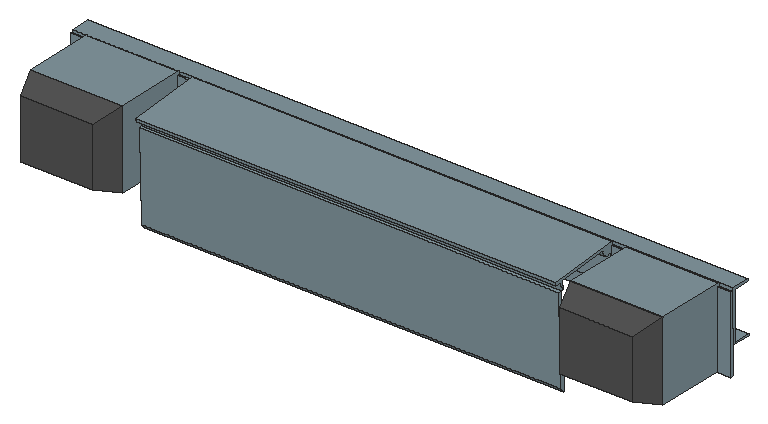
Revit family "Loading-Dock-Equipment_Leveler_McGuire_Mechanical-EOD", category Generic Models, host Face, Revit 2026
Family settings
  Host = Face
  Can host rebar = No
  Round Connector Dimension = Use Diameter
  Part Type = Normal
  Classification Number = 23.50.70.14.14
  Cut with Voids When Loaded = No
  Maintain Annotation Orientation = No
  Shared = No
  Room Calculation Point = No
Parameters (values of type "as Specified")
  Warranty Duration (Years) = 0
  Unit Width = 8' - 8"
  Unit Height = 1' - 5"
  Unit Depth = 1' - 3"
  URL = "http://www.wbmcguire.com/"
  Textured Surface [instance] = Metal - McGuire - Textured Surface
  Test Data = ""
  Specification = ""
  SpecWizard = ""
  Send Message = ""
  Sales Information = "http://www.wbmcguire.com/Contact-Us"
  Revision = "R1_2017-01"
  Product Properties = ""
  Product Data = "http://www.arcat.com/arcatcos/cos36/arc36404.html"
  Mounting Type_Two Piece Angle Plate [instance] = no
  Mounting Type_Preinstalled Curb Angle [instance] = no
  Mounting Type_One Piece Angle Plate [instance] = no
  Mounting Type_8in Pour In Channel [instance] = yes
  Mounting Option Offset [instance] = if(or(Mounting Type_8in Pour In Channel, Mounting Type_Preinstalled Curb Angle), 0' 0", 0' 0 1/4")  # 0' - 0"
  Model = "As Specified"
  Manufacturer Website = "http://www.wbmcguire.com/"
  Manufacturer Phone - Toll Free = "800-624-8473"
  Manufacturer Phone = "262-257-7309"
  Manufacturer Fax = "262-255-4199"
  Manufacturer Address = "W194 N11481  McCormick Dr.   Germantown, WI 53022"
  Manufacturer = "McGuire"
  Maintenance Schedule (Months) = 0
  Keynote = "11160"
  Installation-Fabrication = ""
  Installation Phase = ""
  Green Building-LEED = "http://www.arcat.com/green/clients/leed_data_36404.html"
  Fixture Material = Metal - McGuire - Finish as Specified
  Expected Lifespan (Years) = 0
  Drawn By = "Sumex Design, Inc. / Robert S. Weygant, CSI, CDT, SCIP"
  Description = "McGuire Loading Dock Product as Specified"
  Default Elevation = 0' - 0"
  Deck Width = 5' - 6"
  Deck Length = 2' - 3"
  Copyright = "©Arcat Inc."
  Construction Details = ""
  Capacity = "as Specified"
  Bumper Housing Finish [instance] = Metal - McGuire - Finish as Specified
  Bumper Finish [instance] = Rubber - McGuire - Black
  Building Codes = ""
  Available Options [instance] = "as Specified"
  Assembly Code = "E1030300"
Reference planes (in)
  plane 1 "Center (Front/Back)": y = 15.26898
  plane 2: z = 0
  plane 3 "Center (Left/Right)": x = 0
  plane 4: x = -52
  plane 5: x = 52
  plane 6 "Dock Wall": y = 22.76898
  plane 7: z = -17
  plane 8: y = 15.76898
  plane 9: y = 7.76898
  plane 10: x = -33
  plane 11: x = 33
  plane 12: x = 51.375
  plane 13: x = -51.375
  plane 14: y = 22.76898
Forms (in)
  Extrusion 1, solid, material "Metal - McGuire - Finish as Specified" <- "Bumper Housing Finish"
    sketch origin (0, 0, 0) x (1, 0, 0) y (0, 1, 0)
      loop
        line (-49.71875, 22.76898) -> (-52, 22.76898) -> (-52, 22.39398) -> (-49.71875, 22.39398) -> (-49.71875, 22.76898)
      loop
        line (-35.28125, 22.76898) -> (-35.28125, 22.39398) -> (-33, 22.39398) -> (-33, 22.76898) -> (-35.28125, 22.76898)
      loop
        line (49.71875, 22.76898) -> (49.71875, 22.39398) -> (52, 22.39398) -> (52, 22.76898) -> (49.71875, 22.76898)
      loop
        line (35.28125, 22.76898) -> (33, 22.76898) -> (33, 22.39398) -> (35.28125, 22.39398) -> (35.28125, 22.76898)
    from -0.375 to -12.375
  Extrusion 2, solid, material "Metal - McGuire - Finish as Specified" <- "Bumper Housing Finish"
    sketch origin (0, 0, 0) x (1, 0, 0) y (0, 1, 0)
      loop
        line (-49.71875, 22.76898) -> (-49.71875, 11.76898) -> (-35.28125, 11.76898) -> (-35.28125, 22.76898) -> (-49.71875, 22.76898)
      loop
        line (49.71875, 22.76898) -> (35.28125, 22.76898) -> (35.28125, 11.76898) -> (49.71875, 11.76898) -> (49.71875, 22.76898)
    from 0 to -12.375
  Blend 3, solid, material "Rubber - McGuire - Black" <- "Bumper Finish"
    base sketch origin (-23.95094, 7.76898, 48) x (-1, 0, 0) y (0, 0, 1)
      loop
        line (25.76781, -48) -> (11.33031, -48) -> (11.33031, -60.375) -> (25.76781, -60.375) -> (25.76781, -48)
    top sketch origin (-23.95094, 7.76898, 48) x (-1, 0, 0) y (0, 0, 1)
      loop
        line (24.26781, -49.5) -> (12.83031, -49.5) -> (12.83031, -58.75) -> (24.26781, -58.75) -> (24.26781, -49.5)
    from 4 to 0
  Blend 4, solid, material "Rubber - McGuire - Black" <- "Bumper Finish"
    base sketch origin (-23.95094, 7.76898, 48) x (-1, 0, 0) y (0, 0, 1)
      loop
        line (-59.23219, -48) -> (-73.66969, -48) -> (-73.66969, -60.375) -> (-59.23219, -60.375) -> (-59.23219, -48)
    top sketch origin (-23.95094, 7.76898, 48) x (-1, 0, 0) y (0, 0, 1)
      loop
        line (-60.73219, -49.5) -> (-72.16969, -49.5) -> (-72.16969, -58.75) -> (-60.73219, -58.75) -> (-60.73219, -49.5)
    from 4 to 0
  Sweep 5, solid, material "Metal - McGuire - Finish as Specified" <- "Fixture Material"
    path origin (-54, 22.76898, 48) x (-1, 0, 0) y (0, 0, 1)
      loop
        line (-21, -65) -> (-87, -65)
    profile origin (0, 22.76898, -17) x (0, 0, -1) y (0, 1, 0)
      loop
        line (-15.81096, -0.375) -> (-11.20455, -0.375) -> (-11.20455, 0) -> (-17, 0)
        arc (-17, 0) -> (-16.60693, -5.62461) -> (-15.99513, -11.22966) r 144.77021
        line (-15.99513, -11.22966) -> (-15.53756, -11.16829) -> (-15.66219, -10.23908) -> (-14.45172, -10.04909) -> (-14.37639, -10.52902)
        arc (-14.37639, -10.52902) -> (-7.47025, -10.51104) -> (-0.57909, -10.05601) r 109.06128
        line (-0.57909, -10.05601) -> (0.04994, -9.61555)
        arc (0.04994, -9.61555) -> (-7.11375, -10.12297) -> (-14.29532, -10.15619) r 108.68628
        line (-14.29532, -10.15619) -> (-14.33938, -9.73706) -> (-15.795, -9.89005)
        arc (-15.795, -9.89005) -> (-16.22643, -5.79258) -> (-16.54079, -1.68447) r 144.40634
        arc (-16.54079, -1.68447) -> (-15.49835, -1.40735) -> (-15.81096, -0.375) r 0.75
  Extrusion 6, solid, material "Metal - McGuire - Finish as Specified" <- "Fixture Material", visible <- "Mounting Type_8in Pour In Channel"
    sketch origin (0, 0, 0) x (0, 1, 0) y (0, 0, 1)
      loop
        line (22.73773, 0.03125) -> (22.73773, -8) -> (25.76898, -8) -> (25.76898, -7.75) -> (23.01898, -7.75) -> (23.01898, -0.25) -> (25.76898, -0.25) -> (25.76898, 0.03125) -> (22.73773, 0.03125)
    from -52 to 52
Lines and regions (in)
  model lines, style "InvisibleLines"
    curve 1: line (0, 22.76898, 0) -> (0, 22.76898, 6)
Dimensions and locks (in)
  equal spacing: plane 4, plane 3 "Center (Left/Right)", plane 5
  "Unit Width": plane 4 to plane 5
  "Unit Height": level to plane 7
  equal spacing: plane 6 "Dock Wall", plane 1 "Center (Front/Back)", plane 9
  "Unit Depth": plane 14 to plane 9
  plane 4 to Extrusion 1 sketch curve to Extrusion 1 sketch curve to Extrusion 1 sketch curve = 0' - 2 9/32" locked, 1' - 2 7/16" locked, 0' - 2 9/32" locked
  Extrusion 1 sketch curve to Extrusion 1 sketch curve to Extrusion 1 sketch curve to plane 5 = 0' - 2 9/32" locked, 1' - 2 7/16" locked, 0' - 2 9/32" locked
  equal spacing: plane 10, plane 3 "Center (Left/Right)", plane 11
  "Deck Width": plane 10 to plane 11
  locked: plane 4 to plane 13 at 0.625
  locked: plane 12 to plane 5 at 0.625
  plane 4 to Extrusion 2 sketch curve to Extrusion 2 sketch curve = 0' - 2 9/32" locked, 1' - 2 7/16" locked
  Extrusion 2 sketch curve to Extrusion 2 sketch curve to plane 5 = 1' - 2 7/16" locked, 0' - 2 9/32" locked
  "Mounting Option Offset": plane 6 "Dock Wall" to plane 14
  locked: Extrusion 2 sketch curve to plane 9 at 4  (x2)
  locked: plane 14 to Extrusion 1 sketch curve at 0.375  (x4)
  locked: plane 10 to Blend 3 sketch curve at 2.28125
  locked: Blend 3 sketch curve to plane 4 at 2.28125
  locked: Blend 4 sketch curve to plane 11 at 2.28125
  locked: plane 5 to Blend 4 sketch curve at 2.28125
  aligned and locked: plane 2 to host face
  aligned and locked: level to host face
  aligned and locked: Extrusion 1 sketch curve to plane 4
  aligned and locked: Extrusion 1 sketch curve to plane 5
  aligned and locked: plane 11 to Sweep 5 sketch curve
  aligned and locked: plane 10 to Sweep 5 sketch curve
  aligned and locked: Extrusion 2 sketch curve to plane 14
  aligned and locked: plane 14 to Extrusion 2 sketch curve
  aligned and locked: plane 14 to Extrusion 1 sketch curve  (x2)
  aligned and locked: Extrusion 1 sketch curve to plane 14  (x2)
  aligned and locked: plane 5 to Extrusion 6
  aligned and locked: Extrusion 6 to plane 4
Automatic sketch dimensions
  host sketch curve to host sketch curve = 8' - 8"
  host sketch curve to host sketch curve = 2' - 1.23102"
  Sweep 5 sketch curve to plane 7 = 0' - 0"
  curve 1 to plane 3 "Center (Left/Right)" = 0' - 0"
  curve 1 to level = 0' - 0"
  Extrusion 6 sketch curve to plane 6 "Dock Wall" = 0' - 0 1/32"
  level to Extrusion 6 sketch curve = 0' - 0 1/32"
  plane 6 "Dock Wall" to Extrusion 6 sketch curve = 0' - 0 1/4"
  Extrusion 6 sketch curve to Extrusion 6 sketch curve = 0' - 2 3/4"  (x2)
  Extrusion 6 sketch curve to level = 0' - 0 1/4"
  Extrusion 6 sketch curve to Extrusion 6 sketch curve = 0' - 7 1/2"
  Extrusion 6 sketch curve to Extrusion 6 sketch curve = 0' - 0 1/4"
  curve 1 to curve 1 = 0' - 6"
  Sweep 5 sketch curve to Sweep 5 sketch curve = 0' - 0"  (x4)
  Sweep 5 sketch curve to plane 14 = 0' - 0"
  profile plane to Sweep 5 sketch curve = 1' - 5"
  Sweep 5 sketch curve to plane 14 = 0' - 0 3/8"
  Sweep 5 sketch curve to Sweep 5 sketch curve = 0' - 1.18904"
  Sweep 5 sketch curve to Sweep 5 sketch curve = 0' - 0.15834"
  Sweep 5 sketch curve to Sweep 5 sketch curve = 0' - 0.20014"
  Sweep 5 sketch curve to Sweep 5 sketch curve = 0' - 0.45757"
  Sweep 5 sketch curve to Sweep 5 sketch curve = 0' - 1.16118"
  Sweep 5 sketch curve to Sweep 5 sketch curve = 0' - 1.45562"
  Sweep 5 sketch curve to Sweep 5 sketch curve = 0' - 0.08106"
  profile plane to Sweep 5 sketch curve = 0' - 11.20697"
  Sweep 5 sketch curve to Sweep 5 sketch curve = 0' - 4.94892"
  profile plane to Sweep 5 sketch curve = 0' - 0.57909"
  Sweep 5 sketch curve to Sweep 5 sketch curve = 0' - 0.62903"
  plane 14 to Sweep 5 sketch curve = 0' - 7.27834"
  Sweep 5 sketch curve to Sweep 5 sketch curve = 0' - 0.63927"
  Sweep 5 sketch curve to plane 14 = 0' - 10.05601"
  Sweep 5 sketch curve to Sweep 5 sketch curve = 0' - 0.26614"
  Sweep 5 sketch curve to Sweep 5 sketch curve = 0' - 0.66722"
  Sweep 5 sketch curve to Sweep 5 sketch curve = 0' - 0 17/128"
  Sweep 5 sketch curve to plane 14 = 0' - 10.23908"
  Sweep 5 sketch curve to Sweep 5 sketch curve = 0' - 0.15639"
  Sweep 5 sketch curve to Sweep 5 sketch curve = 0' - 0.34903"
  Sweep 5 sketch curve to Sweep 5 sketch curve = 0' - 0.1071"
  Sweep 5 sketch curve to Sweep 5 sketch curve = 0' - 0.34251"
  Blend 3 sketch curve to level = 0' - 1 1/2"
  Blend 3 sketch curve to plane 10 = 0' - 3 25/32"
  plane 13 to Blend 3 sketch curve = 0' - 3 5/32"
  plane 7 to Blend 3 sketch curve = 0' - 6 1/4"
  Blend 4 sketch curve to level = 0' - 0"
  plane 7 to Blend 4 sketch curve = 0' - 4 5/8"
  Blend 4 sketch curve to level = 0' - 1 1/2"
  Blend 4 sketch curve to plane 12 = 0' - 3 5/32"
  plane 11 to Blend 4 sketch curve = 0' - 3 25/32"
  plane 7 to Blend 4 sketch curve = 0' - 6 1/4"
  Blend 3 sketch curve to level = 0' - 0"
  plane 7 to Blend 3 sketch curve = 0' - 4 5/8"
